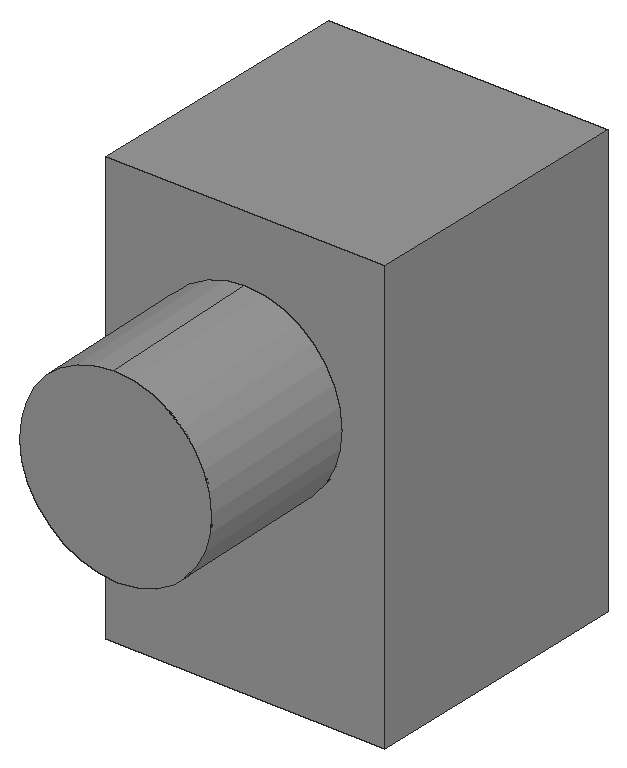
Revit family "RS550.80", category Sanitärinstallationen, Revit 2020
Family settings
  Bemaßung runder Anschluss = Durchmesser verwenden
  Teiletyp = Normal
  Arbeitsebenenbasiert = Nein
  Immer vertikal = Ja
  Beim Laden mit Abzugskörper schneiden = Nein
  Gemeinsam genutzt = Nein
  Raumberechnungspunkt = Nein
Parameters
  Übergangsbride [instance] = yes
  Zapfen RS518 [instance] = yes
  Vorgabe-Ansicht = 0 mm
  URL = "https://www.resitec.ch/"
  RS_s001 = 3 mm
  RS_dimH-mountplate [instance] = 10 mm
  RS_dimH-Rost [instance] = RS_Rost_h1 - 31 mm  # 69 mm
  RS_dim001 = 75 mm
  RS_dim002 = 125 mm
  RS_dim003 = RS_dim001 + 5 mm  # 80 mm
  RS_dia002 = 130 mm
  RS_dia001 = 114.3 mm
  RS_DVol-T = 300 mm
  RS_DVol-L = 300 mm
  RS_DN2 = 0 mm
  RS_DN1d [instance] = 88.9 mm
  RS_DN1 [instance] = 80 mm
  RS_AVol-T = 129 mm
  RS_AVol-L = 129 mm
  RS_AVol-H = 200 mm
  RS_URL = "https://www.resitec.ch/entwaesserungstechnik/"
  RS_Rost_h1 [instance] = 100 mm
  RS_Rost_Typ [instance] = "RS511.2.145"
  RS_Manufacture = "Resitec"  # constant formula
  RS_Description [instance] = "Bodenablauf aus rostfreiem Stahl 1.4404 (V4A)\r\ngebeizt, Typ RS 220/60 mit Schlitzrost barfuss\r\nbegehbar."
  RS_Articelnumber [instance] = "RD521.60"
  RS_Add_1 [instance] = ""
  RS641 Dichtung [instance] = yes
  Klebeblech mit Epoxidgrundierung = yes
  Hersteller = RS_Manufacture  # "Resitec"
  Description = ""
  Baugruppenkennzeichen = "D2030300"
  Anschlusswert DU L/s = 0
Reference planes
  plane 1 "Mitte (Vorne/hinten)": y = 0
  plane 2: z = 0
  plane 3 "Mitte (Links/rechts)": x = 0
  plane 4: z = 100
  plane 5: z = -200
  plane 6: z = 10
  plane 7: x = 150
  plane 8: y = 150
  plane 9: x = -150
  plane 10: y = -150
  plane 11: y = 64.5
  plane 12: x = 64.5
  plane 13: x = -64.5
  plane 14: y = -64.5
  plane 15: z = -75
  plane 16: y = -139.5
  plane 17: through (4267.2, -139.945, -58.012) normal (0, 0.9997, 0.0262)
  plane 18: z = 6
  plane 19: z = 86.968
  plane 20: z = 3
  plane 21: z = 69
Forms (mm)
  Extrusion 1, solid, material "Stahl, unlegiert"
    sketch origin (0, 0, 0) x (1, 0, 0) y (0, 1, 0)
      loop
        line (-64.5, 64.5) -> (-64.5, -64.5) -> (64.5, -64.5) -> (64.5, 64.5) -> (-64.5, 64.5)
    from -200 to 0
  Extrusion 2, solid, material "Stahl, unlegiert"
    sketch origin (4267.2, -139.461, -76.495) x (0, -0.026177, 0.999657) y (1, 0, 0)
      loop
        circle (-0.6, -4267.2) r 44.45
    from 0 to 80
Lines and regions (mm)
  reference lines
    curve 1: line (-60, 0, 0) -> (60, 0, 0)
    curve 2: line (0, 60, 0) -> (0, -60, 0)
    curve 3: line (-55.15, 0, 0) -> (55.15, 0, 0)
    curve 4: line (0, 55.15, 0) -> (0, -55.15, 0)
    curve 5: line (-70.5, 0, 0) -> (70.5, 0, 0)
    curve 6: line (0, -70.5, 0) -> (0, 70.5, 0)
Dimensions and locks
  "RS_Rost_h1": plane 4 to level
  "RS_AVol-H": level to plane 5
  "RS_dimH-mountplate": plane 6 to level
  equal spacing: plane 8, plane 1 "Mitte (Vorne/hinten)", plane 10
  equal spacing: plane 9, plane 3 "Mitte (Links/rechts)", plane 7
  "RS_DVol-T": plane 8 to plane 10
  "RS_DVol-L": plane 9 to plane 7
  equal spacing: plane 13, plane 3 "Mitte (Links/rechts)", plane 12
  "RS_AVol-L": plane 13 to plane 12
  equal spacing: plane 11, plane 1 "Mitte (Vorne/hinten)", plane 14
  "RS_AVol-T": plane 11 to plane 14
  plane 1 "Mitte (Vorne/hinten)" to Extrusion 1 = 64.5 mm
  "RS_dim001": plane 16 to plane 14
  "RS_dim002": plane 15 to plane 5
  "RS_dim003": Extrusion 2 to plane 17
  plane 4 to plane 19 = 13.032 mm
  locked: plane 4 to plane 19 at 13.032
  "RS_s001": plane 20 to level
  "RS_dimH-Rost": plane 21 to level
  "RS_DN1d": diameter of Extrusion 2 sketch curve
  angle plane 16 to plane 17 = 1.50°
  angle plane 17 to plane 10 = 1.50°
  aligned and locked: level to plane 2
  aligned and locked: Extrusion 1 sketch curve to plane 11
  aligned and locked: Extrusion 1 sketch curve to plane 12
  aligned and locked: plane 13 to Extrusion 1 sketch curve
  aligned and locked: plane 14 to Extrusion 1 sketch curve
  aligned and locked: Extrusion 1 to plane 5
  aligned and locked: level to Extrusion 1
  aligned and locked: plane 2 to Extrusion 1
Automatic sketch dimensions
  plane 1 "Mitte (Vorne/hinten)" to curve 5 = 0 mm
  plane 1 "Mitte (Vorne/hinten)" to curve 1 = 0 mm
  plane 1 "Mitte (Vorne/hinten)" to curve 3 = 0 mm
  curve 2 to plane 3 "Mitte (Links/rechts)" = 0 mm
  curve 6 to plane 3 "Mitte (Links/rechts)" = 0 mm
  curve 4 to plane 3 "Mitte (Links/rechts)" = 0 mm
  curve 3 to plane 3 "Mitte (Links/rechts)" = 55.15 mm
  curve 1 to curve 3 = 4.85 mm
  curve 5 to curve 1 = 10.5 mm
  plane 3 "Mitte (Links/rechts)" to curve 3 = 55.15 mm
  curve 3 to curve 1 = 4.85 mm
  curve 1 to curve 5 = 10.5 mm
  plane 1 "Mitte (Vorne/hinten)" to curve 4 = 55.15 mm
  curve 2 to curve 4 = 4.85 mm
  curve 6 to curve 2 = 10.5 mm
  curve 4 to plane 1 "Mitte (Vorne/hinten)" = 55.15 mm
  curve 4 to curve 2 = 4.85 mm
  curve 2 to curve 6 = 10.5 mm
  Extrusion 2 sketch curve to plane 3 "Mitte (Links/rechts)" = 0 mm
Connectors
  piping at (0, -139.445, -77.094), diameter 80, driven by "RS_DN1"
    settings: on Extrusion 2, index 1, connector inside diameter 609.6 mm, connector length 0 mm, flow factor 0, pipe flow 0.0 L/s, pressure drop 0.0 Pa, fitting loss kfactor 0, connector angle 0.00°, fixture units 0, engagement length 0 mm, angle of deflection 0.00°, flow configuration 0, flow direction 2, fitting loss method 0, system type 16, joint type 0, gender type 0, connector reference index -1, connector utility 0, adjustable connector no, is connector primary yes, connector description ""
